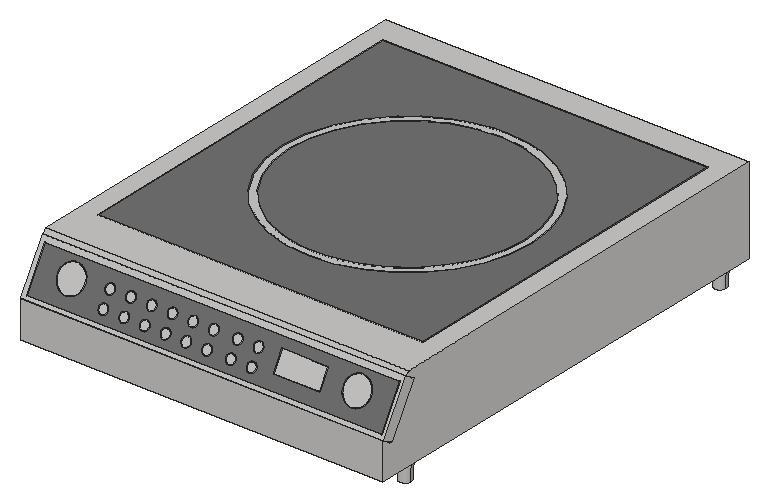
Revit family "QF_Vollrath_6951020", category Specialty Equipment, Revit 2016
Family settings
  Part Type = Normal
  Round Connector Dimension = Use Diameter
  OmniClass Number = 23.40.40.14.17.14
  OmniClass Title = Hot Plates
  Work Plane-Based = No
  Always vertical = Yes
  Cut with Voids When Loaded = No
  Shared = No
  Room Calculation Point = No
Parameters (values of type "6951020")
  Weight in Pounds = 14
  Watts = 1400 W
  Watermarked By = "http://revitwatermark.com"
  Volts = 120 V
  URL Cutsheet = ""
  URL = "www.vollrathco.com"
  Status [instance] = ""
  Specification by User [instance] = ""
  Specification by Manufacturer = ""
  Serial Number [instance] = ""
  Seismic Rating [instance] = ""
  Revision Code [instance] = ""
  Phase = 1
  Number of Poles [instance] = 1
  NAFEM Spec ID Number [instance] = ""
  Model = "6951020"
  Masterspec = ""
  Manufacturer = "Vollrath"
  Item Number [instance] = ""
  Installed By [instance] = ""
  Height AFF [instance] = 36.00"
  Furnished By [instance] = ""
  Foodservice Equipment Identifier [instance] = yes
  FL Amps = 12 A
  Electrical Remarks [instance] = ""
  Electric Connection Type [instance] = ""
  Elec Conn RI Height [instance] = 0.00"
  Elec Conn Connection Height = 2.00"
  Description = "Induction Range, Countertop"
  Cycle = 60 Hz
  Conn Plug = "NEMA 5-15P"
  CSI MasterFormat = "11 42 13"
  Assembly Code = "E1090320"
  Apparent Power = if(Phase = 3, Volts * FL Amps * 1.73, Volts * FL Amps)  # 1440 VA
Reference planes (in)
  plane 1: z = 0
  plane 2 "LEFT": x = 48
  plane 3 "BACK": y = -50.065
  plane 4 "BOTTOM": z = 36
  plane 5 "FRONT": y = -66.565
  plane 6 "TOP": z = 40
  plane 7: z = 36.88
  plane 8: y = -46.065
  plane 9: z = 37.38
  plane 10: z = 13.68
  plane 11: z = 39.28691
  plane 12 "RIGHT": x = 61.125
  plane 13: x = 60.97678
  plane 14: y = -63.895
  plane 15: x = 60.375
Forms (in)
  Blend 1, solid, material "QF_Finishes_Stainless Steel"
    base sketch origin (0, 0, 0) x (1, 0, 0) y (0, 1, 0)
      loop
        circle (48.59304, -50.57669) r 0.20891
    top sketch origin (0, 0, 0) x (1, 0, 0) y (0, 1, 0)
      loop
        circle (48.59304, -50.57669) r 0.25
    from 36 to 36.88
  Blend 2, solid, material "QF_Finishes_Stainless Steel"
    base sketch origin (0, -16.25, 0) x (1, 0, 0) y (0, 1, 0)
      loop
        circle (48.59304, -48.57669) r 0.20891
    top sketch origin (0, -16.25, 0) x (1, 0, 0) y (0, 1, 0)
      loop
        circle (48.59304, -48.57669) r 0.25
    from 36 to 36.88
  Extrusion 3, solid, material "QF_Finishes_Stainless Steel"
    sketch origin (48, 0, -0.15599) x (0, 1, 0) y (0, 0, 1)
      loop
        line (-63.895, 40.15599) -> (-65.42951, 40.15599) -> (-65.51415, 40.0094) -> (-65.19261, 39.82376) -> (-66.16748, 38.13523) -> (-66.565, 38.36474) -> (-66.565, 37.03599) -> (-63.895, 37.03599) -> (-63.895, 40.15599)
    from 0 to 13.125
  Blend 4, solid, material "QF_Finishes_Stainless Steel"
    base sketch origin (14.75, 0, 0) x (1, 0, 0) y (0, 1, 0)
      loop
        circle (45.76982, -50.57669) r 0.20891
    top sketch origin (14.75, 0, 0) x (1, 0, 0) y (0, 1, 0)
      loop
        circle (45.76982, -50.57669) r 0.25
    from 36 to 36.88
  Blend 5, solid, material "QF_Finishes_Stainless Steel"
    base sketch origin (14.75, -16.25, 0) x (1, 0, 0) y (0, 1, 0)
      loop
        circle (45.76982, -48.57669) r 0.20891
    top sketch origin (14.75, -16.25, 0) x (1, 0, 0) y (0, 1, 0)
      loop
        circle (45.76982, -48.57669) r 0.25
    from 36 to 36.88
  Extrusion 6, solid, material "QF_Finishes_Stainless Steel"
    sketch origin (0, 0, 0) x (1, 0, 0) y (0, 1, 0)
      loop
        line (48, -50.065) -> (48, -65.13316) -> (61.125, -65.13316) -> (61.125, -50.065) -> (48, -50.065)
      loop
        circle (54.75625, -57.51074) r 4.5
      loop
        circle (54.75625, -57.51074) r 4.25
      loop
        line (48.66604, -51.00578) -> (48.66604, -64.765) -> (60.41604, -64.765) -> (60.41604, -51.00578) -> (48.66604, -51.00578)
    from 36.88 to 40
  Extrusion 7, solid, material "QF_Finishes_Dark Grey"
    sketch origin (0, -0.55922, 0) x (1, 0, 0) y (0, 1, 0)
      loop
        line (48.66604, -50.44655) -> (48.66604, -63.33578) -> (60.41604, -63.33578) -> (60.41604, -50.44655) -> (48.66604, -50.44655)
      loop
        circle (54.75625, -56.95152) r 4.5
      loop
        circle (54.75625, -56.95152) r 4.25
    from 40 to 36.88
  Extrusion 8, solid, material "QF_Finishes_Stainless Steel"
    sketch origin (0, -64.56679, 17.52166) x (1, 0, 0) y (0, 0.5, 0.866025)
      loop
        circle (49.3871, 17.97648) r 0.5
      loop
        circle (50.73528, 17.50291) r 0.16823
      loop
        circle (51.48528, 17.50291) r 0.16823
      loop
        circle (51.48528, 18.10865) r 0.16823
      loop
        circle (52.23528, 18.10865) r 0.16823
      loop
        circle (52.23528, 17.50291) r 0.16823
      loop
        circle (52.98528, 17.50291) r 0.16823
      loop
        circle (52.98528, 18.10865) r 0.16823
      loop
        circle (53.73528, 18.10865) r 0.16823
      loop
        circle (53.73528, 17.50291) r 0.16823
      loop
        circle (54.48528, 17.50291) r 0.16823
      loop
        circle (54.48528, 18.10865) r 0.16823
      loop
        circle (55.34478, 18.10865) r 0.16823
      loop
        circle (55.34478, 17.50291) r 0.16823
      loop
        circle (56.09478, 18.10865) r 0.16823
      loop
        circle (56.09478, 17.50291) r 0.16823
      loop
        line (58.53358, 18.32013) -> (56.86818, 18.32013) -> (56.86818, 17.57013) -> (58.53358, 17.57013) -> (58.53358, 18.32013)
      loop
        circle (59.72315, 17.97648) r 0.5
      loop
        circle (50.73528, 18.10865) r 0.16823
    from 11.61014 to 12
  Extrusion 9, solid, material "QF_Finishes_Grey"
    sketch origin (0, -64.56679, 17.52166) x (1, 0, 0) y (0, 0.5, 0.866025)
      loop
        line (48.14465, 18.66908) -> (48.14465, 17.06023) -> (60.97678, 17.06023) -> (60.97678, 18.66908) -> (48.14465, 18.66908)
      loop
        circle (49.3871, 17.97648) r 0.5
      loop
        circle (50.73528, 18.10865) r 0.16823
      loop
        circle (50.73528, 17.50291) r 0.16823
      loop
        circle (51.48528, 18.10865) r 0.16823
      loop
        circle (51.48528, 17.50291) r 0.16823
      loop
        circle (52.23528, 18.10865) r 0.16823
      loop
        circle (52.23528, 17.50291) r 0.16823
      loop
        circle (52.98528, 18.10865) r 0.16823
      loop
        circle (52.98528, 17.50291) r 0.16823
      loop
        circle (53.73528, 18.10865) r 0.16823
      loop
        circle (53.73528, 17.50291) r 0.16823
      loop
        circle (54.48528, 18.10865) r 0.16823
      loop
        circle (54.48528, 17.50291) r 0.16823
      loop
        circle (55.34478, 18.10865) r 0.16823
      loop
        circle (55.34478, 17.50291) r 0.16823
      loop
        circle (56.09478, 18.10865) r 0.16823
      loop
        circle (56.09478, 17.50291) r 0.16823
      loop
        line (56.86818, 18.32013) -> (56.86818, 17.57013) -> (58.53358, 17.57013) -> (58.53358, 18.32013) -> (56.86818, 18.32013)
      loop
        circle (59.72315, 17.97648) r 0.5
    from 11.61014 to 12
  Extrusion 10, solid, material "QF_Finishes_Stainless Steel"
    sketch origin (0, -64.9632, 17.50536) x (1, 0, 0) y (0, 0.515038, 0.857167)
      loop
        circle (49.3871, 17.97648) r 0.5
      loop
        circle (50.73528, 17.50291) r 0.16823
      loop
        circle (51.48528, 17.50291) r 0.16823
      loop
        circle (51.48528, 18.10865) r 0.16823
      loop
        circle (52.23528, 18.10865) r 0.16823
      loop
        circle (52.23528, 17.50291) r 0.16823
      loop
        circle (52.98528, 17.50291) r 0.16823
      loop
        circle (52.98528, 18.10865) r 0.16823
      loop
        circle (53.73528, 18.10865) r 0.16823
      loop
        circle (53.73528, 17.50291) r 0.16823
      loop
        circle (54.48528, 17.50291) r 0.16823
      loop
        circle (54.48528, 18.10865) r 0.16823
      loop
        circle (55.34478, 18.10865) r 0.16823
      loop
        circle (55.34478, 17.50291) r 0.16823
      loop
        circle (56.09478, 18.10865) r 0.16823
      loop
        circle (56.09478, 17.50291) r 0.16823
      loop
        line (58.53358, 18.32013) -> (56.86818, 18.32013) -> (56.86818, 17.57013) -> (58.53358, 17.57013) -> (58.53358, 18.32013)
      loop
        circle (59.72315, 17.97648) r 0.5
      loop
        circle (50.73528, 18.10865) r 0.16823
    from 11.61014 to 12
  Extrusion 11, solid, material "QF_Finishes_Grey"
    sketch origin (0, -64.9632, 17.50536) x (1, 0, 0) y (0, 0.515038, 0.857167)
      loop
        line (48.14465, 18.66908) -> (48.14465, 17.06023) -> (60.97678, 17.06023) -> (60.97678, 18.66908) -> (48.14465, 18.66908)
      loop
        circle (49.3871, 17.97648) r 0.5
      loop
        circle (50.73528, 18.10865) r 0.16823
      loop
        circle (50.73528, 17.50291) r 0.16823
      loop
        circle (51.48528, 18.10865) r 0.16823
      loop
        circle (51.48528, 17.50291) r 0.16823
      loop
        circle (52.23528, 18.10865) r 0.16823
      loop
        circle (52.23528, 17.50291) r 0.16823
      loop
        circle (52.98528, 18.10865) r 0.16823
      loop
        circle (52.98528, 17.50291) r 0.16823
      loop
        circle (53.73528, 18.10865) r 0.16823
      loop
        circle (53.73528, 17.50291) r 0.16823
      loop
        circle (54.48528, 18.10865) r 0.16823
      loop
        circle (54.48528, 17.50291) r 0.16823
      loop
        circle (55.34478, 18.10865) r 0.16823
      loop
        circle (55.34478, 17.50291) r 0.16823
      loop
        circle (56.09478, 18.10865) r 0.16823
      loop
        circle (56.09478, 17.50291) r 0.16823
      loop
        line (56.86818, 18.32013) -> (56.86818, 17.57013) -> (58.53358, 17.57013) -> (58.53358, 18.32013) -> (56.86818, 18.32013)
      loop
        circle (59.72315, 17.97648) r 0.5
    from 11.61014 to 12
  Extrusion 12, solid, material "QF_Finishes_Stainless Steel"
    sketch origin (0, -58.85409, 5.27063) x (1, 0, 0) y (0, 0.515038, 0.857167)
      loop
        line (48.14465, 26.00986) -> (48.14465, 24.40101) -> (60.97678, 24.40101) -> (60.97678, 26.00986) -> (48.14465, 26.00986)
      loop
        line (48, 26.21304) -> (48, 24.28924) -> (61.125, 24.28924) -> (61.125, 26.21304) -> (48, 26.21304)
    from 23.14803 to 23.53789
  Extrusion 13, solid, material "QF_Finishes_Stainless Steel", not visible
    sketch origin (0, -64.56679, 3.83166) x (1, 0, 0) y (0, 0.5, 0.866025)
      loop
        circle (49.3871, 17.97648) r 0.5
      loop
        circle (50.73528, 17.50291) r 0.16823
      loop
        circle (51.48528, 17.50291) r 0.16823
      loop
        circle (51.48528, 18.10865) r 0.16823
      loop
        circle (52.23528, 18.10865) r 0.16823
      loop
        circle (52.23528, 17.50291) r 0.16823
      loop
        circle (52.98528, 17.50291) r 0.16823
      loop
        circle (52.98528, 18.10865) r 0.16823
      loop
        circle (53.73528, 18.10865) r 0.16823
      loop
        circle (53.73528, 17.50291) r 0.16823
      loop
        circle (54.48528, 17.50291) r 0.16823
      loop
        circle (54.48528, 18.10865) r 0.16823
      loop
        circle (55.34478, 18.10865) r 0.16823
      loop
        circle (55.34478, 17.50291) r 0.16823
      loop
        circle (56.09478, 18.10865) r 0.16823
      loop
        circle (56.09478, 17.50291) r 0.16823
      loop
        line (58.53358, 18.32013) -> (56.86818, 18.32013) -> (56.86818, 17.57013) -> (58.53358, 17.57013) -> (58.53358, 18.32013)
      loop
        circle (59.72315, 17.97648) r 0.5
      loop
        circle (50.73528, 18.10865) r 0.16823
    from 11.61014 to 12
  Extrusion 14, solid, material "QF_Finishes_Grey", not visible
    sketch origin (0, -64.56679, 3.83166) x (1, 0, 0) y (0, 0.5, 0.866025)
      loop
        line (48.14465, 18.66908) -> (48.14465, 17.06023) -> (60.97678, 17.06023) -> (60.97678, 18.66908) -> (48.14465, 18.66908)
      loop
        circle (49.3871, 17.97648) r 0.5
      loop
        circle (50.73528, 18.10865) r 0.16823
      loop
        circle (50.73528, 17.50291) r 0.16823
      loop
        circle (51.48528, 18.10865) r 0.16823
      loop
        circle (51.48528, 17.50291) r 0.16823
      loop
        circle (52.23528, 18.10865) r 0.16823
      loop
        circle (52.23528, 17.50291) r 0.16823
      loop
        circle (52.98528, 18.10865) r 0.16823
      loop
        circle (52.98528, 17.50291) r 0.16823
      loop
        circle (53.73528, 18.10865) r 0.16823
      loop
        circle (53.73528, 17.50291) r 0.16823
      loop
        circle (54.48528, 18.10865) r 0.16823
      loop
        circle (54.48528, 17.50291) r 0.16823
      loop
        circle (55.34478, 18.10865) r 0.16823
      loop
        circle (55.34478, 17.50291) r 0.16823
      loop
        circle (56.09478, 18.10865) r 0.16823
      loop
        circle (56.09478, 17.50291) r 0.16823
      loop
        line (56.86818, 18.32013) -> (56.86818, 17.57013) -> (58.53358, 17.57013) -> (58.53358, 18.32013) -> (56.86818, 18.32013)
      loop
        circle (59.72315, 17.97648) r 0.5
    from 11.61014 to 12
  Extrusion 15, solid, material "QF_Finishes_Stainless Steel", not visible
    sketch origin (0, -64.9632, 3.81536) x (1, 0, 0) y (0, 0.515038, 0.857167)
      loop
        circle (49.3871, 17.97648) r 0.5
      loop
        circle (50.73528, 17.50291) r 0.16823
      loop
        circle (51.48528, 17.50291) r 0.16823
      loop
        circle (51.48528, 18.10865) r 0.16823
      loop
        circle (52.23528, 18.10865) r 0.16823
      loop
        circle (52.23528, 17.50291) r 0.16823
      loop
        circle (52.98528, 17.50291) r 0.16823
      loop
        circle (52.98528, 18.10865) r 0.16823
      loop
        circle (53.73528, 18.10865) r 0.16823
      loop
        circle (53.73528, 17.50291) r 0.16823
      loop
        circle (54.48528, 17.50291) r 0.16823
      loop
        circle (54.48528, 18.10865) r 0.16823
      loop
        circle (55.34478, 18.10865) r 0.16823
      loop
        circle (55.34478, 17.50291) r 0.16823
      loop
        circle (56.09478, 18.10865) r 0.16823
      loop
        circle (56.09478, 17.50291) r 0.16823
      loop
        line (58.53358, 18.32013) -> (56.86818, 18.32013) -> (56.86818, 17.57013) -> (58.53358, 17.57013) -> (58.53358, 18.32013)
      loop
        circle (59.72315, 17.97648) r 0.5
      loop
        circle (50.73528, 18.10865) r 0.16823
    from 11.61014 to 12
  Extrusion 16, solid, material "QF_Finishes_Grey", not visible
    sketch origin (0, -64.9632, 3.81536) x (1, 0, 0) y (0, 0.515038, 0.857167)
      loop
        line (48.14465, 18.66908) -> (48.14465, 17.06023) -> (60.97678, 17.06023) -> (60.97678, 18.66908) -> (48.14465, 18.66908)
      loop
        circle (49.3871, 17.97648) r 0.5
      loop
        circle (50.73528, 18.10865) r 0.16823
      loop
        circle (50.73528, 17.50291) r 0.16823
      loop
        circle (51.48528, 18.10865) r 0.16823
      loop
        circle (51.48528, 17.50291) r 0.16823
      loop
        circle (52.23528, 18.10865) r 0.16823
      loop
        circle (52.23528, 17.50291) r 0.16823
      loop
        circle (52.98528, 18.10865) r 0.16823
      loop
        circle (52.98528, 17.50291) r 0.16823
      loop
        circle (53.73528, 18.10865) r 0.16823
      loop
        circle (53.73528, 17.50291) r 0.16823
      loop
        circle (54.48528, 18.10865) r 0.16823
      loop
        circle (54.48528, 17.50291) r 0.16823
      loop
        circle (55.34478, 18.10865) r 0.16823
      loop
        circle (55.34478, 17.50291) r 0.16823
      loop
        circle (56.09478, 18.10865) r 0.16823
      loop
        circle (56.09478, 17.50291) r 0.16823
      loop
        line (56.86818, 18.32013) -> (56.86818, 17.57013) -> (58.53358, 17.57013) -> (58.53358, 18.32013) -> (56.86818, 18.32013)
      loop
        circle (59.72315, 17.97648) r 0.5
    from 11.61014 to 12
  Extrusion 17, solid, material "QF_Finishes_Stainless Steel", not visible
    sketch origin (0, -58.85409, -8.41937) x (1, 0, 0) y (0, 0.515038, 0.857167)
      loop
        line (48.14465, 26.00986) -> (48.14465, 24.40101) -> (60.97678, 24.40101) -> (60.97678, 26.00986) -> (48.14465, 26.00986)
      loop
        line (48, 26.21304) -> (48, 24.28924) -> (61.125, 24.28924) -> (61.125, 26.21304) -> (48, 26.21304)
    from 23.14803 to 23.53789
  Extrusion 18, solid, material "QF_Finishes_Stainless Steel"
    sketch origin (-11.75, -50.065, 0) x (1, 0, 0) y (0, 0, 1)
      loop
        circle (60.375, 37.38) r 0.25
    from 0 to -0.41259
  Extrusion 19, solid, material "QF_Finishes_Clearances", detail levels coarse
    sketch origin (0, 0, 0) x (1, 0, 0) y (0, 1, 0)
      loop
        line (48, -46.065) -> (48, -50.065) -> (61.125, -50.065) -> (61.125, -46.065) -> (48, -46.065)
    from 36 to 40
Cuts and joins
  joined: Extrusion 3, Extrusion 6
Lines and regions (in)
  symbolic lines
    curve 1: line (61.125, -50.065, 0) -> (48, -50.065, 0)
    curve 2: line (48, -50.065, 0) -> (48, -66.565, 0)
    curve 3: line (61.125, -66.565, 0) -> (61.125, -50.065, 0)
    curve 4: line (61.125, -65.19261, 0) -> (48, -65.19261, 0)
    curve 5: line (48, -66.565, 0) -> (61.125, -66.565, 0)
    curve 6: arc (50.25625, -57.71074, 0) -> (54.75625, -53.21074, 0) -> (59.25625, -57.71074, 0) r 4.5
    curve 7: arc (59.00625, -57.71074, 0) -> (54.75625, -53.46074, 0) -> (50.50625, -57.71074, 0) r 4.25
    curve 8: arc (50.50625, -57.71074, 0) -> (54.75625, -61.96074, 0) -> (59.00625, -57.71074, 0) r 4.25
    curve 9: arc (59.25625, -57.71074, 0) -> (54.75625, -62.21074, 0) -> (50.25625, -57.71074, 0) r 4.5
    curve 10: line (60.41604, -51.00578, 0) -> (48.66604, -51.00578, 0)
    curve 11: line (60.41604, -63.895, 0) -> (60.41604, -51.00578, 0)
    curve 12: line (48.66604, -63.895, 0) -> (60.41604, -63.895, 0)
    curve 13: line (48.66604, -51.00578, 0) -> (48.66604, -63.895, 0)
Dimensions and locks (in)
  "Height AFF": plane 4 "BOTTOM" to level
  plane 5 "FRONT" to plane 3 "BACK" = 16.50"
  plane 3 "BACK" to plane 8 = 4.00"
  plane 7 to plane 4 "BOTTOM" = 0.88"
  Blend 1 sketch curve to plane 3 "BACK" = 0.51168"
  locked: Blend 1 sketch curve to plane 3 "BACK" at 0.51168
  plane 6 "TOP" to plane 7 = 3.12"
  locked: plane 9 to plane 7 at 0.5
  locked: plane 6 "TOP" to plane 11 at 0.71309
  plane 2 "LEFT" to plane 12 "RIGHT" = 13.125"
  locked: plane 6 "TOP" to Extrusion 9 at 0.61265
  locked: plane 6 "TOP" to Extrusion 12 at 0.1375
  aligned and locked: level to plane 1
  aligned and locked: plane 7 to Blend 2
  aligned and locked: Blend 2 to plane 4 "BOTTOM"
  aligned and locked: plane 7 to Blend 1
  aligned and locked: Blend 1 to plane 4 "BOTTOM"
  aligned and locked: plane 7 to Blend 5
  aligned and locked: Blend 5 to plane 4 "BOTTOM"
  aligned and locked: plane 7 to Blend 4
  aligned and locked: Blend 4 to plane 4 "BOTTOM"
  aligned and locked: plane 6 "TOP" to Extrusion 6
  aligned and locked: Extrusion 6 to plane 7
  aligned and locked: plane 7 to Extrusion 7
  aligned and locked: plane 6 "TOP" to Extrusion 7
  aligned and locked: plane 2 "LEFT" to Extrusion 19 sketch curve
  aligned and locked: Extrusion 19 sketch curve to cut or joined group of Extrusion 3, Extrusion 6  (x2)
  aligned and locked: plane 6 "TOP" to Extrusion 19
  aligned and locked: Extrusion 19 to plane 4 "BOTTOM"
Automatic sketch dimensions
  plane 2 "LEFT" to Blend 1 sketch curve = 0.59304"  (x2)
  plane 2 "LEFT" to Blend 2 sketch curve = 0.59304"  (x2)
  plane 5 "FRONT" to Blend 2 sketch curve = 1.73832"  (x2)
  Extrusion 3 sketch curve to plane 5 "FRONT" = 0.00"
  Extrusion 3 sketch curve to plane 6 "TOP" = 0.00"
  Extrusion 3 sketch curve to plane 7 = 0.00"
  plane 5 "FRONT" to Extrusion 3 sketch curve = 0.39752"
  Extrusion 3 sketch curve to plane 6 "TOP" = 0.14659"
  plane 5 "FRONT" to Extrusion 3 sketch curve = 1.05085"
  Extrusion 3 sketch curve to Extrusion 3 sketch curve = 0.08463"
  Extrusion 3 sketch curve to plane 6 "TOP" = 0.33223"
  Extrusion 3 sketch curve to Extrusion 3 sketch curve = 2.27248"
  plane 13 to Blend 4 sketch curve = 0.45696"  (x2)
  plane 3 "BACK" to Blend 4 sketch curve = 0.51168"  (x2)
  plane 13 to Blend 5 sketch curve = 0.45696"  (x2)
  plane 5 "FRONT" to Blend 5 sketch curve = 1.73832"  (x2)
  Extrusion 6 sketch curve to Extrusion 6 sketch curve = 0.00"  (x2)
  Extrusion 6 sketch curve to plane 2 "LEFT" = 0.00"
  plane 3 "BACK" to Extrusion 6 sketch curve = 0.00"
  Extrusion 6 sketch curve to plane 12 "RIGHT" = 0.00"
  plane 2 "LEFT" to Extrusion 6 sketch curve = 0.66604"
  plane 13 to Extrusion 6 sketch curve = 6.22053"
  plane 13 to Extrusion 6 sketch curve = 0.56073"
  plane 3 "BACK" to Extrusion 6 sketch curve = 0.94078"
  plane 3 "BACK" to Extrusion 6 sketch curve = 7.44574"
  plane 5 "FRONT" to Extrusion 6 sketch curve = 1.80"
  Extrusion 6 sketch curve to Extrusion 6 sketch curve = 0.36816"
  Extrusion 7 sketch curve to Extrusion 7 sketch curve = 0.00"  (x12)
  plane 2 "LEFT" to Extrusion 7 sketch curve = 0.66604"
  plane 2 "LEFT" to Extrusion 7 sketch curve = 2.25625"
  Extrusion 7 sketch curve to Extrusion 7 sketch curve = 0.25"
  Extrusion 7 sketch curve to Extrusion 7 sketch curve = 4.25"
  plane 13 to Extrusion 7 sketch curve = 0.56073"
  plane 5 "FRONT" to Extrusion 7 sketch curve = 2.67"
  plane 3 "BACK" to Extrusion 7 sketch curve = 7.44574"
  plane 3 "BACK" to Extrusion 7 sketch curve = 0.94078"
  Extrusion 8 sketch curve to Extrusion 8 sketch curve = 0.50"  (x2)
  Extrusion 8 sketch curve to Extrusion 8 sketch curve = 0.67995"
  Extrusion 8 sketch curve to Extrusion 8 sketch curve = 0.00"  (x48)
  Extrusion 8 sketch curve to Extrusion 8 sketch curve = 0.16823"  (x16)
  Extrusion 8 sketch curve to Extrusion 8 sketch curve = 0.41354"  (x12)
  Extrusion 8 sketch curve to Extrusion 8 sketch curve = 0.52304"  (x2)
  Extrusion 8 sketch curve to Extrusion 8 sketch curve = 0.60517"
  Extrusion 8 sketch curve to Extrusion 8 sketch curve = 1.6654"
  Extrusion 8 sketch curve to Extrusion 8 sketch curve = 0.68957"
  Extrusion 8 sketch curve to Extrusion 8 sketch curve = 0.06722"
  Extrusion 8 sketch curve to Extrusion 8 sketch curve = 0.40635"
  Extrusion 8 sketch curve to Extrusion 8 sketch curve = 0.47357"
  Extrusion 8 sketch curve to Extrusion 8 sketch curve = 0.60574"  (x4)
  Extrusion 8 sketch curve to Extrusion 8 sketch curve = 0.21148"
  Extrusion 9 sketch curve to Extrusion 9 sketch curve = 0.50"  (x2)
  Extrusion 9 sketch curve to Extrusion 9 sketch curve = 0.68957"
  Extrusion 9 sketch curve to Extrusion 9 sketch curve = 1.6654"
  Extrusion 9 sketch curve to Extrusion 9 sketch curve = 0.60517"
  Extrusion 9 sketch curve to Extrusion 9 sketch curve = 0.00"  (x49)
  Extrusion 9 sketch curve to Extrusion 9 sketch curve = 0.16823"  (x16)
  Extrusion 9 sketch curve to Extrusion 9 sketch curve = 0.41354"  (x12)
  Extrusion 9 sketch curve to Extrusion 9 sketch curve = 0.52304"  (x2)
  Extrusion 9 sketch curve to Extrusion 9 sketch curve = 0.67995"
  Extrusion 9 sketch curve to Extrusion 9 sketch curve = 0.44269"
  Extrusion 9 sketch curve to Extrusion 9 sketch curve = 0.06722"
  Extrusion 9 sketch curve to Extrusion 9 sketch curve = 0.91625"
  Extrusion 9 sketch curve to Extrusion 9 sketch curve = 0.47357"
  Extrusion 9 sketch curve to Extrusion 9 sketch curve = 0.60574"  (x3)
  Extrusion 9 sketch curve to Extrusion 9 sketch curve = 0.21148"
  Extrusion 9 sketch curve to Extrusion 9 sketch curve = 0.6926"
  Extrusion 10 sketch curve to Extrusion 10 sketch curve = 0.50"  (x2)
  Extrusion 10 sketch curve to Extrusion 10 sketch curve = 0.67995"
  Extrusion 10 sketch curve to Extrusion 10 sketch curve = 0.00"  (x48)
  Extrusion 10 sketch curve to Extrusion 10 sketch curve = 0.16823"  (x16)
  Extrusion 10 sketch curve to Extrusion 10 sketch curve = 0.41354"  (x12)
  Extrusion 10 sketch curve to Extrusion 10 sketch curve = 0.52304"  (x2)
  Extrusion 10 sketch curve to Extrusion 10 sketch curve = 0.60517"
  Extrusion 10 sketch curve to Extrusion 10 sketch curve = 1.6654"
  Extrusion 10 sketch curve to Extrusion 10 sketch curve = 0.68957"
  Extrusion 10 sketch curve to Extrusion 10 sketch curve = 0.60574"  (x4)
  Extrusion 11 sketch curve to Extrusion 11 sketch curve = 0.50"  (x2)
  Extrusion 11 sketch curve to Extrusion 11 sketch curve = 0.68957"
  Extrusion 11 sketch curve to Extrusion 11 sketch curve = 1.6654"
  Extrusion 11 sketch curve to Extrusion 11 sketch curve = 0.60517"
  Extrusion 11 sketch curve to Extrusion 11 sketch curve = 0.00"  (x49)
  Extrusion 11 sketch curve to Extrusion 11 sketch curve = 0.16823"  (x16)
  Extrusion 11 sketch curve to Extrusion 11 sketch curve = 0.41354"  (x12)
  Extrusion 11 sketch curve to Extrusion 11 sketch curve = 0.52304"  (x2)
  Extrusion 11 sketch curve to Extrusion 11 sketch curve = 0.67995"
  Extrusion 12 sketch curve to Extrusion 12 sketch curve = 0.11176"
  Extrusion 10 sketch curve to Extrusion 10 sketch curve = 0.06722"
  Extrusion 10 sketch curve to Extrusion 10 sketch curve = 0.40635"
  Extrusion 10 sketch curve to Extrusion 10 sketch curve = 0.13217"
  Extrusion 10 sketch curve to Extrusion 10 sketch curve = 0.21148"
  Extrusion 11 sketch curve to Extrusion 11 sketch curve = 0.44269"
  Extrusion 11 sketch curve to Extrusion 11 sketch curve = 0.06722"
  Extrusion 11 sketch curve to Extrusion 11 sketch curve = 0.91625"
  Extrusion 11 sketch curve to Extrusion 11 sketch curve = 0.47357"
  Extrusion 11 sketch curve to Extrusion 11 sketch curve = 0.60574"  (x3)
  Extrusion 11 sketch curve to Extrusion 11 sketch curve = 0.21148"
  Extrusion 11 sketch curve to Extrusion 11 sketch curve = 0.6926"
  Extrusion 12 sketch curve to Extrusion 12 sketch curve = 1.60885"
  Extrusion 12 sketch curve to Extrusion 12 sketch curve = 0.20318"
  Extrusion 11 sketch curve to Extrusion 11 sketch curve = 0.74244"
  Extrusion 11 sketch curve to Extrusion 11 sketch curve = 0.75362"
  Extrusion 12 sketch curve to Extrusion 12 sketch curve = 0.14465"
  Extrusion 12 sketch curve to Extrusion 12 sketch curve = 12.83212"
  Extrusion 12 sketch curve to Extrusion 12 sketch curve = 0.14822"
  Extrusion 9 sketch curve to Extrusion 9 sketch curve = 0.74244"
  Extrusion 9 sketch curve to Extrusion 9 sketch curve = 0.75362"
  Extrusion 13 sketch curve to Extrusion 13 sketch curve = 0.50"  (x2)
  Extrusion 13 sketch curve to Extrusion 13 sketch curve = 0.67995"
  Extrusion 13 sketch curve to Extrusion 13 sketch curve = 0.00"  (x48)
  Extrusion 13 sketch curve to Extrusion 13 sketch curve = 0.16823"  (x16)
  Extrusion 13 sketch curve to Extrusion 13 sketch curve = 0.41354"  (x12)
  Extrusion 13 sketch curve to Extrusion 13 sketch curve = 0.52304"  (x2)
  Extrusion 13 sketch curve to Extrusion 13 sketch curve = 0.60517"
  Extrusion 13 sketch curve to Extrusion 13 sketch curve = 1.6654"
  Extrusion 13 sketch curve to Extrusion 13 sketch curve = 0.68957"
  Extrusion 13 sketch curve to Extrusion 13 sketch curve = 0.06722"
  Extrusion 13 sketch curve to Extrusion 13 sketch curve = 0.40635"
  Extrusion 13 sketch curve to Extrusion 13 sketch curve = 0.47357"
  Extrusion 13 sketch curve to Extrusion 13 sketch curve = 0.60574"  (x4)
  Extrusion 13 sketch curve to Extrusion 13 sketch curve = 0.21148"
  Extrusion 14 sketch curve to Extrusion 14 sketch curve = 0.50"  (x2)
  Extrusion 14 sketch curve to Extrusion 14 sketch curve = 0.68957"
  Extrusion 14 sketch curve to Extrusion 14 sketch curve = 1.6654"
  Extrusion 14 sketch curve to Extrusion 14 sketch curve = 0.60517"
  Extrusion 14 sketch curve to Extrusion 14 sketch curve = 0.00"  (x49)
  Extrusion 14 sketch curve to Extrusion 14 sketch curve = 0.16823"  (x16)
  Extrusion 14 sketch curve to Extrusion 14 sketch curve = 0.41354"  (x12)
  Extrusion 14 sketch curve to Extrusion 14 sketch curve = 0.52304"  (x2)
  Extrusion 14 sketch curve to Extrusion 14 sketch curve = 0.67995"
  Extrusion 14 sketch curve to Extrusion 14 sketch curve = 0.44269"
  Extrusion 14 sketch curve to Extrusion 14 sketch curve = 0.06722"
  Extrusion 14 sketch curve to Extrusion 14 sketch curve = 0.91625"
  Extrusion 14 sketch curve to Extrusion 14 sketch curve = 0.47357"
  Extrusion 14 sketch curve to Extrusion 14 sketch curve = 0.60574"  (x3)
  Extrusion 14 sketch curve to Extrusion 14 sketch curve = 0.21148"
  Extrusion 14 sketch curve to Extrusion 14 sketch curve = 0.6926"
  Extrusion 15 sketch curve to Extrusion 15 sketch curve = 0.50"  (x2)
  Extrusion 15 sketch curve to Extrusion 15 sketch curve = 0.67995"
  Extrusion 15 sketch curve to Extrusion 15 sketch curve = 0.00"  (x48)
  Extrusion 15 sketch curve to Extrusion 15 sketch curve = 0.16823"  (x16)
  Extrusion 15 sketch curve to Extrusion 15 sketch curve = 0.41354"  (x12)
  Extrusion 15 sketch curve to Extrusion 15 sketch curve = 0.52304"  (x2)
  Extrusion 15 sketch curve to Extrusion 15 sketch curve = 0.60517"
  Extrusion 15 sketch curve to Extrusion 15 sketch curve = 1.6654"
  Extrusion 15 sketch curve to Extrusion 15 sketch curve = 0.68957"
  Extrusion 15 sketch curve to Extrusion 15 sketch curve = 0.60574"  (x4)
  Extrusion 16 sketch curve to Extrusion 16 sketch curve = 0.50"  (x2)
  Extrusion 16 sketch curve to Extrusion 16 sketch curve = 0.68957"
  Extrusion 16 sketch curve to Extrusion 16 sketch curve = 1.6654"
  Extrusion 16 sketch curve to Extrusion 16 sketch curve = 0.60517"
  Extrusion 16 sketch curve to Extrusion 16 sketch curve = 0.00"  (x49)
  Extrusion 16 sketch curve to Extrusion 16 sketch curve = 0.16823"  (x16)
  Extrusion 16 sketch curve to Extrusion 16 sketch curve = 0.41354"  (x12)
  Extrusion 16 sketch curve to Extrusion 16 sketch curve = 0.52304"  (x2)
  Extrusion 16 sketch curve to Extrusion 16 sketch curve = 0.67995"
  Extrusion 17 sketch curve to Extrusion 17 sketch curve = 0.11176"
  Extrusion 15 sketch curve to Extrusion 15 sketch curve = 0.06722"
  Extrusion 15 sketch curve to Extrusion 15 sketch curve = 0.40635"
  Extrusion 15 sketch curve to Extrusion 15 sketch curve = 0.13217"
  Extrusion 15 sketch curve to Extrusion 15 sketch curve = 0.21148"
  Extrusion 16 sketch curve to Extrusion 16 sketch curve = 0.44269"
  Extrusion 16 sketch curve to Extrusion 16 sketch curve = 0.06722"
  Extrusion 16 sketch curve to Extrusion 16 sketch curve = 0.91625"
  Extrusion 16 sketch curve to Extrusion 16 sketch curve = 0.47357"
  Extrusion 16 sketch curve to Extrusion 16 sketch curve = 0.60574"  (x3)
  Extrusion 16 sketch curve to Extrusion 16 sketch curve = 0.21148"
  Extrusion 16 sketch curve to Extrusion 16 sketch curve = 0.6926"
  Extrusion 17 sketch curve to Extrusion 17 sketch curve = 1.60885"
  Extrusion 17 sketch curve to Extrusion 17 sketch curve = 0.20318"
  Extrusion 16 sketch curve to Extrusion 16 sketch curve = 0.74244"
  Extrusion 16 sketch curve to Extrusion 16 sketch curve = 0.75362"
  Extrusion 17 sketch curve to Extrusion 17 sketch curve = 0.14465"
  Extrusion 17 sketch curve to Extrusion 17 sketch curve = 12.83212"
  Extrusion 17 sketch curve to Extrusion 17 sketch curve = 0.14822"
  Extrusion 14 sketch curve to Extrusion 14 sketch curve = 0.74244"
  Extrusion 14 sketch curve to Extrusion 14 sketch curve = 0.75362"
  Extrusion 18 sketch curve to plane 9 = 0.00"
  plane 15 to Extrusion 18 sketch curve = 11.75"
  curve 6 to curve 7 = 0.00"
  curve 6 to curve 8 = 0.00"
  curve 5 to plane 2 "LEFT" = 0.00"
  plane 14 to curve 13 = 0.00"
  plane 3 "BACK" to curve 1 = 0.00"
  curve 1 to plane 12 "RIGHT" = 0.00"
  curve 3 to plane 5 "FRONT" = 0.00"
  plane 2 "LEFT" to curve 13 = 0.66604"
  plane 2 "LEFT" to curve 9 = 2.25625"
  curve 6 to curve 7 = 0.25"
  curve 7 to curve 7 = 4.25"
  curve 12 to plane 15 = 0.04104"
  plane 14 to curve 4 = 1.29761"
  curve 9 to plane 14 = 6.18426"
  plane 3 "BACK" to curve 13 = 0.94078"
  Extrusion 19 sketch curve to plane 8 = 0.00"
  radius of Blend 1 sketch curve = 0.20891"
  radius of Blend 1 sketch curve = 0.25"
  radius of Blend 2 sketch curve = 0.20891"
  radius of Blend 2 sketch curve = 0.25"
  radius of Blend 4 sketch curve = 0.20891"
  radius of Blend 4 sketch curve = 0.25"
  radius of Blend 5 sketch curve = 0.20891"
  radius of Blend 5 sketch curve = 0.25"
  radius of Extrusion 6 sketch curve = 4.50"
  radius of Extrusion 6 sketch curve = 4.25"
  radius of Extrusion 18 sketch curve = 0.25"
Connectors (in)
  electrical at (48.625, -49.65241, 37.38), driven by "Number of Poles", driven by "Volts", driven by "Apparent Power"
    settings: on Extrusion 18, index 1, voltage 120 V, apparent load 1440 VA, apparent load phase1 0 VA, apparent load phase2 0 VA, apparent load phase3 0 VA, power factor 1, load classification "Other", number of poles 1, system type 30, power factor state 1, is connector primary yes, connector utility no, sub classification motor no, connector description "Electric Connection"
